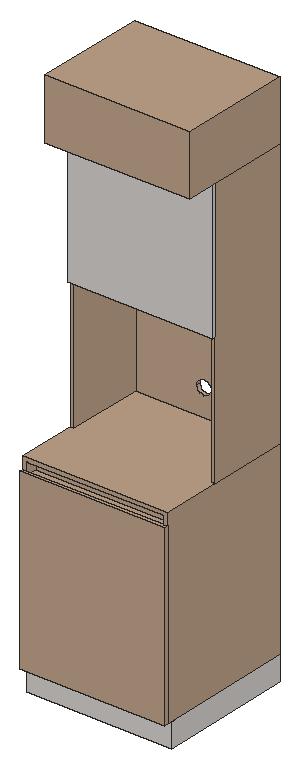
Revit family "AM0106541-Alacena-Bilbao", category Furniture, host Face, Revit 2021
Family settings
  Host = Face
  Cut with Voids When Loaded = No
  Shared = No
  Room Calculation Point = No
Parameters
  Default Elevation = 1219.2 mm
Reference planes
  plane 1 "Center (Front/Back)": y = 0
  plane 2: z = 0
  plane 3 "Center (Left/Right)": x = 0
Forms (mm)
  Extrusion 1, solid, material "Corona-Taupe"
    sketch origin (0, 0, 0) x (1, 0, 0) y (0, 1, 0)
      loop
        line (-300, 280) -> (-300, -280) -> (300, -280) -> (300, 280) -> (-300, 280)
    from 0 to 100
  Extrusion 2, solid
    sketch origin (0, 0, 100) x (1, 0, 0) y (0, 1, 0)
      loop
        line (-300, 280) -> (-300, -300) -> (300, -300) -> (300, 280) -> (-300, 280)
    from 0 to 785
  Extrusion 3, solid
    sketch origin (260, -300, 100) x (-1, 0, 0) y (0, 0, -1)
      loop
        line (560, 0) -> (-40, 0) -> (-40, -735) -> (560, -735) -> (560, 0)
    from 0 to 15
  Extrusion 4, void
    sketch origin (260, -300, 100) x (-1, 0, 0) y (0, 0, -1)
      loop
        line (-25, -770) -> (545, -770) -> (545, -720) -> (-25, -720) -> (-25, -770)
    from -45.351 to 0
  Extrusion 5, solid
    sketch origin (0, 0, 885) x (1, 0, 0) y (0, 1, 0)
      loop
        line (300, 280) -> (-300, 280) -> (-300, -53) -> (-285, -53) -> (-285, 265) -> (285, 265) -> (285, -53) -> (300, -53) -> (300, 280)
    from 0 to 1115
  Extrusion 6, solid, material "Corona-Taupe"
    sketch origin (-300, -53, 885) x (1, 0, 0) y (0, 0, 1)
      loop
        line (0, 1115) -> (0, 544) -> (600, 544) -> (600, 1115) -> (0, 1115)
    from 0 to 15
  Extrusion 7, solid
    sketch origin (-300, -53, 885) x (1, 0, 0) y (0, 0, 1)
      loop
        line (15, 559) -> (585, 559) -> (585, 574) -> (15, 574) -> (15, 559)
    from 0 to -318
  Extrusion 8, solid
    sketch origin (300, 280, 885) x (-1, 0, 0) y (0, 0, 1)
      loop
        line (600, 1115) -> (600, 1365) -> (0, 1365) -> (0, 1115) -> (600, 1115)
    from 0 to -465
  Extrusion 9, void
    sketch origin (300, 280, 885) x (-1, 0, 0) y (0, 0, 1)
      loop
        circle (300, 111.935) r 30
    from -15 to 0
Cuts and joins
  Extrusion 4 cuts Extrusion 2
  Extrusion 9 cuts Extrusion 5
Dimensions and locks
  aligned and locked: plane 2 to host face
  aligned and locked: level to host face
